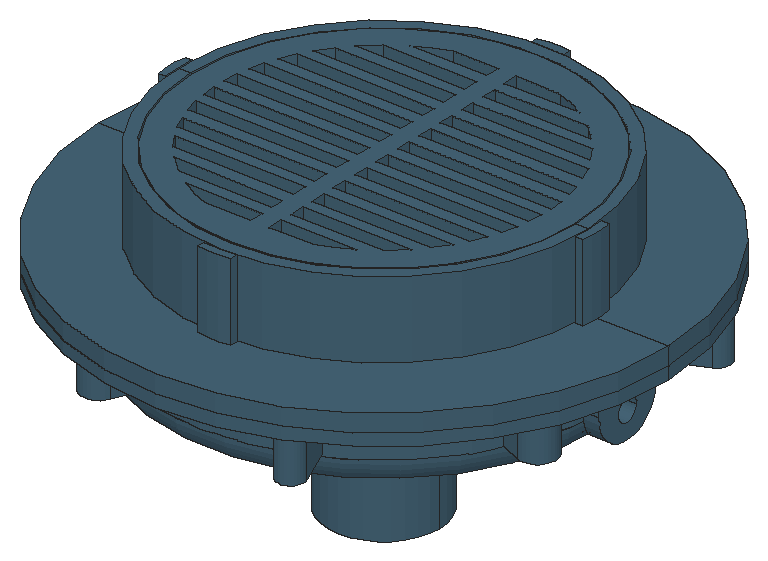
Revit family "Drain_Floor_Top_Diameter_9_Inch-Zurn-Z550-Medium-Duty", category Plumbing Fixtures, Revit 2022
Family settings
  Round Connector Dimension = Use Radius
  Part Type = Normal
  OmniClass Number = 23.70.50.21.24.14
  OmniClass Title = Deck Waste Water Drains
  Work Plane-Based = No
  Always vertical = Yes
  Cut with Voids When Loaded = No
  Maintain Annotation Orientation = No
  Shared = No
  Room Calculation Point = No
Parameters (values of type "Load Family Type Catalog")
  ZN-Grate = no
  Z-Grate = yes
  Width = 12.000"  # constant formula
  Waste Connection = 0 = 0  # yes
  WFU = 1  # constant formula
  Vent Connection = 0 = 1  # no
  URL = "www.zurn.com"
  Type Comments = "Z550-2 Inch-No Hub Outlet"
  Top Diameter Inner = 8.625"
  Top Diameter = 9.000"
  Product data url = "https://www.bimobject.com/en/zurnindustries/product/zurn-z550"
  Product Page URL = "https://www.zurn.com/products/drainage-interceptors/floor-drains/area-drains/z550"
  Product Documentation Link = "https://files.zurn.com/spec-sheets/z550.pdf"
  Pipe Size A (Nominal) = 2.000"
  Pipe Size A (Actual) = 2.375"
  P Trap Primer Connetor = 0.250"  # constant formula
  Outlet Connector Radius = 1.000"
  Modified Date = "09/09/2025"  # constant formula
  Model = "Z550"
  Manufacurer Brand = "Zurn"  # constant formula
  Manufacturer = "Zurn Water, LLC"  # constant formula
  Frame and Grate = Iron - Zurn -Cast - Painted - Blue
  Body Height (E) = 4.750"
  HWFU = 0  # constant formula
  HW Connection = 0 = 1  # no
  Grate Open Area Sq.in = 18.000"  # constant formula
  Description = "9 [229] DIAMETER TOP MEDIUM-DUTY DRAIN"  # constant formula
  Default Elevation = 35.000"  # constant formula
  Date Created = "08/25/2016"  # constant formula
  CWFU = 0  # constant formula
  Main Material = Iron - Zurn -Cast - Painted - Blue
  CW Connection = 0 = 1  # no
  Frame Dimension = 2.000"
  Assembly Code = "D2030300"
  Approx. Weight (Lbs) = 28.000"
Reference planes (in)
  plane 1 "Center (Front/Back)": y = 0
  plane 2: z = 0
  plane 3 "Center (Left/Right)": x = 0
  plane 4: x = -6
  plane 5: x = 6
  plane 6: z = -2
  plane 7: z = -6.75
  plane 8: x = -4.3125
  plane 9: x = 4.3125
  plane 10: y = 6
  plane 11: y = -6
  plane 12: z = -0.25
  plane 13: z = -0.625
  plane 14: z = -3.75
  plane 15: x = -1.1875
  plane 16: x = 1.1875
  plane 17: z = -2.25
  plane 18: y = 1.1875
  plane 19: y = -1.1875
  plane 20: y = 3.15457
  plane 21: y = 2.06367
  plane 22: y = 0.97277
  plane 23: y = -0.11812
  plane 24: y = -1.0773
  plane 25: y = -2.29992
  plane 26: x = 3.6875
  plane 27: z = -1.625
  plane 28: x = 4.0625
  plane 29: z = -3.5
  plane 30: x = 4.59357
  plane 31: x = 4.84357
  plane 32: x = 5.49819
  plane 33: x = 5.5
  plane 34: y = -0.75
  plane 35: y = 0.75
  plane 36: x = 5.125
  plane 37: through (-4.29444, 1.37228, 48) normal (-0.9205, 0.3907, 0)
  plane 38: through (-5.28581, 2.66065, 48) normal (0.3907, 0.9205, 0)
  plane 39: through (-7.11211, 2.6211, 48) normal (0.3907, 0.9205, 0)
  plane 40: through (-3.22178, -6.62754, 48) normal (-0.9205, 0.3907, 0)
  plane 41: through (-2.59701, -7.07513, 48) normal (-0.9205, 0.3907, 0)
  plane 42: y = 2.0923
  plane 43: x = -4.90659
  plane 44: through (3.94012, -2.20859, 48) normal (-0.9205, 0.3907, 0)
  plane 45: y = -2.06722
  plane 46: x = 4.89263
  plane 47: through (-2.3433, -3.89724, 48) normal (0.3737, 0.9276, 0)
  plane 48: x = -2.07654
  plane 49: y = -4.88926
  plane 50: through (1.33081, 4.31142, 48) normal (0.3907, 0.9205, 0)
  plane 51: x = 2.07497
  plane 52: y = 4.8911
  plane 53: z = -3.125
  plane 54: through (-3.05274, 6.47779, 48) normal (0.9205, 0.3907, 0)
  plane 55: through (-2.91505, 7.59302, 48) normal (0.9205, 0.3907, 0)
  plane 56: through (-6.63122, -2.50961, 48) normal (-0.3907, 0.9205, 0)
  plane 57: through (-6.04107, -2.87018, 48) normal (-0.3907, 0.9205, 0)
  plane 58: through (3.99057, 2.13171, 48) normal (0.9205, 0.3907, 0)
  plane 59: x = 5.23758
  plane 60: y = 2.22286
  plane 61: x = -5.23316
  plane 62: y = -2.22171
  plane 63: through (-4.28626, -1.41704, 48) normal (0.9205, 0.3907, 0)
  plane 64: through (-2.17374, 3.96939, 48) normal (-0.3907, 0.9205, 0)
  plane 65: x = -2.22007
  plane 66: y = 5.23594
  plane 67: through (1.42941, -4.27943, 48) normal (-0.3907, 0.9205, 0)
  plane 68: x = 2.2245
  plane 69: y = -5.2348
  plane 70: z = -3.7
  plane 71: x = -4.5
  plane 72: x = 4.5
  plane 73: y = 0.34375
  plane 74: y = -0.344
  plane 75: x = 1.32528
  plane 76: x = -3.1541
  plane 77: x = -0.344
  plane 78: x = 0.344
  plane 79: y = 4.5
  plane 80: y = -4.5
  plane 81: y = 4.3125
  plane 82: y = -4.3125
  plane 83: x = 3.1541
  plane 84: x = -1.32528
  plane 85: y = -1.32528
  plane 86: y = 3.1541
  plane 87: y = -3.1541
  plane 88: y = 1.32528
  plane 89: y = -3.18928
  plane 90: x = -1.97864
  plane 91: x = 1.97864
  plane 92: x = -1.0773
  plane 93: x = -0.11812
  plane 94: x = 0.98355
  plane 95: x = 3.22864
  plane 96: x = -3.22864
  plane 97: y = -0.25
  plane 98: y = 0.25
  plane 99: z = -2.875
  plane 100: z = -3.375
  plane 101: z = -2.95164
  plane 102: y = 4.5
  plane 103: y = -4.5
  plane 104: y = 3.68928
  plane 105: z = -3.15625
  plane 106: x = 4.24982
  plane 107: z = 0
  plane 108: x = -4.5
  plane 109: x = 4.5
Forms (in)
  Revolve 1, solid, material "Iron - Zurn -Cast - Painted - Blue" <- "Main Material", detail levels fine
    sketch origin (0, 0, 0) x (1, 0, 0) y (0, 0, 1)
      loop
        line (3.6875, -2) -> (6, -2) -> (6, -1.625) -> (4.3125, -1.625) -> (4.3125, 0) -> (4.0625, 0) -> (4.0625, -0.625) -> (3.6875, -0.625) -> (3.6875, -2)
      axis (0, 0) -> (0, -2)
    angle from 0 to 360
  Revolve 2, solid, material "Iron - Zurn -Cast - Painted - Blue" <- "Main Material", detail levels fine
    sketch origin (0, 0, 0) x (1, 0, 0) y (0, 0, 1)
      loop
        line (5.49819, -2) -> (4.59357, -2.25) -> (4.59357, -3.15625)
        arc (4.59357, -3.15625) -> (4.49289, -3.39932) -> (4.24982, -3.5) r 0.34375
        line (4.24982, -3.5) -> (0, -3.5) -> (0, -3.75) -> (4.24982, -3.75)
        arc (4.24982, -3.75) -> (4.66967, -3.57609) -> (4.84357, -3.15625) r 0.59375
        line (4.84357, -3.15625) -> (4.84357, -2.25) -> (6, -2.25) -> (6, -2) -> (5.49819, -2)
      axis (0, -2) -> (0, -3.75)
    angle from 0 to 360
  Extrusion 3, solid, material "Iron - Zurn -Cast - Painted - Blue" <- "Main Material", detail levels fine
    sketch origin (0, 0, 0) x (1, 0, 0) y (0, 1, 0)
      loop
        circle (0, 0) r 1.1875
    from -3.75 to -6.75
  Extrusion 4, void, detail levels fine
    sketch origin (0, 0, 0) x (0, 1, 0) y (1, 0, 0)
      loop
        circle (0, 0) r 1
    from 3.75 to 6.75
  Extrusion 5, solid, material "Iron - Zurn -Cast - Painted - Blue" <- "Main Material", detail levels fine
    sketch origin (0, 0, 0) x (0, 1, 0) y (0, 0, 1)
      loop
        arc (-0.75, -2.95164) -> (0, -3.70164) -> (0.75, -2.95164) r 0.75
        line (0.75, -2.95164) -> (0.75, -2.25) -> (-0.75, -2.25) -> (-0.75, -2.95164)
      loop
        circle (0, -3.125) r 0.25
    from 3.75 to 5.125
  Extrusion 6, solid, material "Iron - Zurn -Cast - Painted - Blue" <- "Main Material", detail levels fine
    sketch origin (0, 0, 0) x (1, 0, 0) y (0, 1, 0)
      loop
        line (5.03916, -1.72203) -> (4.28291, -1.40103) -> (3.98986, -2.09141) -> (4.74611, -2.41241)
        arc (4.74611, -2.41241) -> (5.23782, -2.21375) -> (5.03916, -1.72203) r 0.375
      loop
        arc (-4.76007, 2.43749) -> (-5.25178, 2.23883) -> (-5.05312, 1.74711) r 0.375
        line (-5.05312, 1.74711) -> (-4.27546, 1.41701) -> (-3.98241, 2.10739) -> (-4.76007, 2.43749)
      loop
        line (1.72978, 5.03762) -> (1.40768, 4.27879) -> (2.09806, 3.98574) -> (2.42016, 4.74458)
        arc (2.42016, 4.74458) -> (2.2215, 5.23629) -> (1.72978, 5.03762) r 0.375
      loop
        arc (-2.42173, -4.74274) -> (-2.22307, -5.23445) -> (-1.73136, -5.03579) r 0.375
        line (-1.73136, -5.03579) -> (-1.40802, -4.27405) -> (-2.1038, -3.99373) -> (-2.42173, -4.74274)
    from -3.125 to -2.25
  Extrusion 7, solid, material "Iron - Zurn -Cast - Painted - Blue" <- "Main Material", detail levels fine
    sketch origin (0, 0, 0) x (1, 0, 0) y (0, 1, 0)
      loop
        line (5.12769, 2.48175) -> (4.03828, 2.01932) -> (4.25806, 1.50154) -> (5.34748, 1.96397)
        arc (5.34748, 1.96397) -> (5.49648, 2.33275) -> (5.12769, 2.48175) r 0.28125
      loop
        arc (-5.34305, -1.96282) -> (-5.49205, -2.3316) -> (-5.12327, -2.4806) r 0.28125
        line (-5.12327, -2.4806) -> (-4.03151, -2.01718) -> (-4.2513, -1.4994) -> (-5.34305, -1.96282)
      loop
        arc (-1.96785, 5.36155) -> (-2.33016, 5.49531) -> (-2.48563, 5.14176) r 0.28177
        line (-2.48563, 5.14176) -> (-2.01635, 4.0362) -> (-1.49856, 4.25599) -> (-1.96785, 5.36155)
      loop
        line (2.01612, -4.02408) -> (2.48611, -5.13131)
        arc (2.48611, -5.13131) -> (2.33442, -5.49377) -> (1.96832, -5.35109) r 0.28134
        line (1.96832, -5.35109) -> (1.5006, -4.24922) -> (2.01839, -4.02943)
    from -3.125 to -2.25
  Extrusion 8, solid, material "Iron - Zurn -Cast - Painted - Blue" <- "Main Material", detail levels fine
    sketch origin (0, 0, 0) x (1, 0, 0) y (0, 1, 0)
      loop
        arc (-4.45536, 0.34375) -> (-4.5, -0.00013) -> (-4.4553, -0.344) r 1.3459
        line (-4.4553, -0.344) -> (-4.31249, -0.344)
        arc (-4.31249, -0.344) -> (-4.32298, -0.00013) -> (-4.31251, 0.34375) r 5.64826
        line (-4.31251, 0.34375) -> (-4.45536, 0.34375)
      loop
        line (4.45536, 0.34375) -> (4.31251, 0.34375)
        arc (4.31251, 0.34375) -> (4.32298, -0.00013) -> (4.31249, -0.344) r 5.64826
        line (4.31249, -0.344) -> (4.4553, -0.344)
        arc (4.4553, -0.344) -> (4.5, -0.00013) -> (4.45536, 0.34375) r 1.3459
      loop
        line (-0.344, 4.4553) -> (-0.344, 4.31249)
        arc (-0.344, 4.31249) -> (0, 4.32298) -> (0.344, 4.31249) r 5.64826
        line (0.344, 4.31249) -> (0.344, 4.4553)
        arc (0.344, 4.4553) -> (0, 4.5) -> (-0.344, 4.4553) r 1.3459
      loop
        arc (-0.344, -4.4553) -> (0, -4.5) -> (0.344, -4.4553) r 1.3459
        line (0.344, -4.4553) -> (0.344, -4.31249)
        arc (0.344, -4.31249) -> (0, -4.32298) -> (-0.344, -4.31249) r 5.64826
        line (-0.344, -4.31249) -> (-0.344, -4.4553)
    from -1.625 to 0
Cuts and joins
  Extrusion 4 cuts Revolve 2
  Extrusion 4 cuts Extrusion 3
Lines and regions (in)
  Masking region 1, detail levels fine
    outline origin (0, 0, 0) x (1, 0, 0) y (0, 1, 0)
      loop
        circle (0, 0) r 6
  model lines, detail levels coarse+medium
    curve 1: circle (0, 0, 0) r 4.032 normal (0, 0, 1)
    curve 2: line (-4.03027, -0.11812, 0) -> (4.03027, -0.11812, 0)
    curve 3: line (-3.91289, 0.97277, 0) -> (3.91289, 0.97277, 0)
    curve 4: line (-3.46386, 2.06367, 0) -> (3.46386, 2.06367, 0)
    curve 5: line (-2.51112, 3.15457, 0) -> (2.51112, 3.15457, 0)
    curve 6: line (-3.84647, -1.20902, 0) -> (3.84647, -1.20902, 0)
    curve 7: line (-3.31171, -2.29992, 0) -> (3.31171, -2.29992, 0)
    curve 9: line (-2.18161, -3.39081, 0) -> (2.18161, -3.39081, 0)
    curve 10: line (0, 0, -3.125) -> (5.125, 0, -3.125)
    curve 11: line (5.125, 0, -2.875) -> (5.125, 0, -3.375)
    curve 12: line (5.125, -0.25, -3.125) -> (5.125, 0.25, -3.125)
    curve 13: line (0, 0, 0) -> (0, 0, -6.75)
    curve 14: line (-1.1875, 0, -6.75) -> (1.1875, 0, -6.75)
    curve 15: line (0, 1.1875, -6.75) -> (0, -1.1875, -6.75)
    curve 24: circle (0, 0, 0) r 4.5 normal (0, 0, 1)
  symbolic lines, detail levels coarse+medium
    curve 8: circle (0, 0, 0) r 6 normal (0, 0, 1)
    curve 16: line (0, 0, 0) -> (0, 0, -6.75)
    curve 17: line (-1.1875, 0, -6.75) -> (1.1875, 0, -6.75)
    curve 18: line (0, 0, -3.125) -> (5.125, 0, -3.125)
    curve 19: line (5.125, 0, -2.875) -> (5.125, 0, -3.375)
    curve 20: line (0, 0, 0) -> (0, 0, -6.75)
    curve 21: line (0, 4.5, 0) -> (0, -4.5, 0)
    curve 22: line (0, 1.1875, -6.75) -> (0, -1.1875, -6.75)
    curve 23: line (0, 0.25, -3.125) -> (0, -0.25, -3.125)
    curve 25: circle (0, 0, 0) r 4.5 normal (0, 0, 1)
    curve 26: line (-4.5, 0, 0) -> (4.5, 0, 0)
Dimensions and locks (in)
  equal spacing: plane 5, plane 3 "Center (Left/Right)", plane 4
  "Frame Dimension": level to plane 6
  "Body Height (E)": plane 6 to plane 7
  level to plane 7 = 6.750"
  "Width": plane 5 to plane 4
  equal spacing: plane 9, plane 3 "Center (Left/Right)", plane 8
  plane 4 to plane 5 = 12.000"
  equal spacing: plane 10, plane 1 "Center (Front/Back)", plane 11
  plane 12 to plane 13 = 0.375"
  equal spacing: plane 16, plane 3 "Center (Left/Right)", plane 15
  "Pipe Size A (Actual)": plane 16 to plane 15
  "Width": plane 10 to plane 11
  locked: plane 6 to plane 17 at 0.25
  "Pipe Size A (Actual)": plane 18 to plane 19
  equal spacing: plane 18, plane 1 "Center (Front/Back)", plane 19
  locked: plane 27 to plane 6 at 0.375
  plane 29 to plane 14 = 0.250"
  plane 31 to plane 30 = 0.250"
  plane 5 to plane 33 = 0.500"
  locked: plane 17 to plane 14 at 1.5
  plane 14 to plane 7 = 3.000"
  plane 36 to plane 3 "Center (Left/Right)" = 5.125"
  plane 17 to plane 53 = 0.875"
  locked: plane 28 to plane 26 at 0.375
  plane 70 to plane 14 = 0.050"
  plane 9 to plane 28 = 0.250"
  locked: plane 28 to plane 3 "Center (Left/Right)" at 4.0625
  equal spacing: plane 72, plane 3 "Center (Left/Right)", plane 71
  plane 71 to plane 72 = 9.000"
  plane 8 to plane 9 = 8.625"
  plane 71 to plane 8 = 0.1875"
  plane 9 to plane 72 = 0.1875"
  plane 1 "Center (Front/Back)" to plane 74 = 0.344"
  plane 73 to plane 1 "Center (Front/Back)" = 0.34375"
  plane 77 to plane 3 "Center (Left/Right)" = 0.344"
  plane 3 "Center (Left/Right)" to plane 78 = 0.344"
  equal spacing: plane 79, plane 1 "Center (Front/Back)", plane 80
  equal spacing: plane 81, plane 1 "Center (Front/Back)", plane 82
  plane 97 to plane 1 "Center (Front/Back)" = 0.250"
  plane 1 "Center (Front/Back)" to plane 98 = 0.250"
  plane 99 to plane 53 = 0.250"
  plane 53 to plane 100 = 0.250"
  equal spacing: plane 102, plane 1 "Center (Front/Back)", plane 103
  "Top Diameter": plane 102 to plane 103
  plane 5 to plane 32 = 0.50181"
  plane 32 to plane 31 = 0.65461"
  plane 13 to plane 6 = 1.375"
  locked: plane 107 to plane 6 at 2
  plane 81 to plane 82 = 8.625"
  plane 79 to plane 80 = 9.000"
  plane 9 to plane 8 = 8.625"
  plane 72 to plane 71 = 9.000"
  equal spacing: plane 109, plane 3 "Center (Left/Right)", plane 108
  "Top Diameter": plane 109 to plane 108
  equal spacing: curve 9, curve 7, curve 6, curve 2, curve 3, curve 4, curve 5
  "Pipe Size A (Actual)": diameter of Extrusion 3 sketch curve
  "Pipe Size A (Nominal)": diameter of Extrusion 4 sketch curve
  "Top Diameter": diameter of curve 24
  "Top Diameter": diameter of curve 25
  aligned and locked: plane 2 to level
  aligned and locked: plane 3 "Center (Left/Right)" to curve 1
  aligned and locked: plane 1 "Center (Front/Back)" to curve 1
  aligned and locked: plane 3 "Center (Left/Right)" to curve 8
  aligned and locked: plane 1 "Center (Front/Back)" to curve 8
  aligned and locked: plane 9 to Revolve 1 sketch curve
  aligned and locked: plane 13 to Revolve 1 sketch curve
  aligned and locked: Revolve 1 sketch curve to plane 26
  aligned and locked: Revolve 1 sketch curve to plane 6
  aligned and locked: plane 27 to Revolve 1 sketch curve
  aligned and locked: plane 5 to Revolve 1 sketch curve
  aligned and locked: Revolve 1 sketch curve to plane 28
  aligned and locked: Revolve 2 sketch curve to plane 14
  aligned and locked: plane 30 to Revolve 2 sketch curve  (x2)
  aligned and locked: plane 31 to Revolve 2 sketch curve  (x2)
  aligned and locked: Revolve 2 sketch curve to plane 5
  aligned and locked: plane 17 to Revolve 2 sketch curve  (x3)
  aligned and locked: plane 3 "Center (Left/Right)" to Revolve 2 sketch curve
  aligned and locked: plane 3 "Center (Left/Right)" to Extrusion 3 sketch curve
  aligned and locked: plane 1 "Center (Front/Back)" to Extrusion 3 sketch curve
  aligned and locked: Extrusion 3 to plane 7
  aligned and locked: plane 14 to Extrusion 3
  aligned and locked: plane 3 "Center (Left/Right)" to Extrusion 4 sketch curve
  aligned and locked: plane 1 "Center (Front/Back)" to Extrusion 4 sketch curve
  aligned and locked: plane 14 to Extrusion 4
  aligned and locked: Extrusion 4 to plane 7
  aligned and locked: plane 17 to Extrusion 5 sketch curve
  aligned and locked: plane 1 "Center (Front/Back)" to Extrusion 5 sketch curve  (x2)
  aligned and locked: plane 34 to Extrusion 5 sketch curve
  aligned and locked: plane 36 to Extrusion 5
  aligned and locked: plane 37 to Extrusion 6 sketch curve
  aligned and locked: plane 39 to Extrusion 6 sketch curve
  aligned and locked: plane 42 to Extrusion 6 sketch curve
  aligned and locked: plane 43 to Extrusion 6 sketch curve
  aligned and locked: plane 44 to Extrusion 6 sketch curve
  aligned and locked: plane 38 to Extrusion 6 sketch curve
  aligned and locked: plane 45 to Extrusion 6 sketch curve
  aligned and locked: plane 46 to Extrusion 6 sketch curve
  aligned and locked: plane 47 to Extrusion 6 sketch curve
  aligned and locked: plane 40 to Extrusion 6 sketch curve  (x2)
  aligned and locked: plane 48 to Extrusion 6 sketch curve
  aligned and locked: plane 49 to Extrusion 6 sketch curve
  aligned and locked: plane 50 to Extrusion 6 sketch curve
  aligned and locked: plane 51 to Extrusion 6 sketch curve
  aligned and locked: plane 52 to Extrusion 6 sketch curve
  aligned and locked: Extrusion 6 to plane 53
  aligned and locked: plane 17 to Extrusion 6
  aligned and locked: plane 58 to Extrusion 7 sketch curve
  aligned and locked: plane 56 to Extrusion 7 sketch curve
  aligned and locked: plane 60 to Extrusion 7 sketch curve
  aligned and locked: plane 59 to Extrusion 7 sketch curve
  aligned and locked: plane 61 to Extrusion 7 sketch curve
  aligned and locked: plane 62 to Extrusion 7 sketch curve
  aligned and locked: Extrusion 7 sketch curve to plane 56
  aligned and locked: Extrusion 7 sketch curve to plane 57
  aligned and locked: plane 63 to Extrusion 7 sketch curve
  aligned and locked: plane 64 to Extrusion 7 sketch curve
  aligned and locked: plane 55 to Extrusion 7 sketch curve
  aligned and locked: plane 54 to Extrusion 7 sketch curve  (x2)
  aligned and locked: plane 65 to Extrusion 7 sketch curve
  aligned and locked: plane 66 to Extrusion 7 sketch curve
  aligned and locked: Extrusion 7 sketch curve to plane 55
  aligned and locked: plane 67 to Extrusion 7 sketch curve
  aligned and locked: plane 69 to Extrusion 7 sketch curve
  aligned and locked: plane 68 to Extrusion 7 sketch curve
  aligned and locked: Extrusion 7 to Extrusion 6
  aligned and locked: plane 17 to Extrusion 7
  aligned and locked: Extrusion 8 sketch curve to plane 73
  aligned and locked: plane 74 to Extrusion 8 sketch curve
  aligned and locked: Extrusion 8 to plane 27
  aligned and locked: plane 75 to Extrusion 8 sketch curve
  aligned and locked: plane 1 "Center (Front/Back)" to Extrusion 8 sketch curve  (x4)
  aligned and locked: plane 76 to Extrusion 8 sketch curve
  aligned and locked: plane 73 to Extrusion 8 sketch curve
  aligned and locked: Extrusion 8 sketch curve to plane 74
  aligned and locked: plane 83 to Extrusion 8 sketch curve
  aligned and locked: plane 84 to Extrusion 8 sketch curve
  aligned and locked: Extrusion 8 sketch curve to plane 77
  aligned and locked: plane 78 to Extrusion 8 sketch curve
  aligned and locked: plane 85 to Extrusion 8 sketch curve
  aligned and locked: plane 3 "Center (Left/Right)" to Extrusion 8 sketch curve  (x4)
  aligned and locked: plane 86 to Extrusion 8 sketch curve
  aligned and locked: plane 77 to Extrusion 8 sketch curve
  aligned and locked: Extrusion 8 sketch curve to plane 78
  aligned and locked: plane 87 to Extrusion 8 sketch curve
  aligned and locked: plane 88 to Extrusion 8 sketch curve
  aligned and locked: plane 3 "Center (Left/Right)" to curve 10
  aligned and locked: plane 36 to curve 10
  aligned and locked: curve 10 to plane 53
  aligned and locked: plane 99 to curve 11
  aligned and locked: plane 100 to curve 11
  aligned and locked: curve 11 to plane 36
  aligned and locked: plane 53 to Extrusion 5 sketch curve
  aligned and locked: plane 101 to Extrusion 5 sketch curve
  aligned and locked: plane 97 to curve 12
  aligned and locked: plane 98 to curve 12
  aligned and locked: curve 12 to plane 53
  aligned and locked: level to curve 13
  aligned and locked: plane 7 to curve 13
  aligned and locked: curve 13 to plane 3 "Center (Left/Right)"
  aligned and locked: plane 15 to curve 14
  aligned and locked: plane 16 to curve 14
  aligned and locked: curve 14 to plane 7
  aligned and locked: plane 18 to curve 15
  aligned and locked: plane 19 to curve 15
  aligned and locked: curve 15 to plane 7
  aligned and locked: curve 16 to plane 3 "Center (Left/Right)"
  aligned and locked: plane 15 to curve 17
  aligned and locked: plane 16 to curve 17
  aligned and locked: curve 17 to plane 7
  aligned and locked: curve 18 to plane 53
  aligned and locked: plane 99 to curve 19
  aligned and locked: plane 100 to curve 19
  aligned and locked: curve 19 to plane 36
  aligned and locked: level to curve 20
  aligned and locked: plane 7 to curve 20
  aligned and locked: plane 102 to curve 21
  aligned and locked: plane 103 to curve 21
  aligned and locked: curve 21 to level
  aligned and locked: curve 20 to plane 1 "Center (Front/Back)"
  aligned and locked: plane 18 to curve 22
  aligned and locked: plane 19 to curve 22
  aligned and locked: curve 22 to plane 7
  aligned and locked: plane 98 to curve 23
  aligned and locked: plane 97 to curve 23
  aligned and locked: curve 23 to plane 53
  aligned and locked: plane 3 "Center (Left/Right)" to Masking region 1 sketch curve
  aligned and locked: plane 1 "Center (Front/Back)" to Masking region 1 sketch curve
  aligned and locked: plane 1 "Center (Front/Back)" to curve 24
  aligned and locked: plane 6 to Revolve 2 sketch curve
  aligned and locked: plane 106 to Revolve 2 sketch curve
  aligned and locked: plane 105 to Revolve 2 sketch curve
  aligned and locked: plane 107 to Revolve 1
  aligned and locked: Extrusion 8 to Revolve 1
  aligned and locked: plane 1 "Center (Front/Back)" to nested 1
  aligned and locked: plane 3 "Center (Left/Right)" to nested 1
  aligned and locked: plane 1 "Center (Front/Back)" to nested 2
  aligned and locked: plane 3 "Center (Left/Right)" to nested 2
  aligned and locked: plane 21 to curve 4
  aligned and locked: plane 22 to curve 3
  aligned and locked: plane 1 "Center (Front/Back)" to curve 25
  aligned and locked: plane 3 "Center (Left/Right)" to curve 25
  aligned and locked: plane 108 to curve 26
  aligned and locked: plane 109 to curve 26
  aligned and locked: curve 26 to level
Automatic sketch dimensions
  Extrusion 6 sketch curve to plane 41 = 0.000"
  Extrusion 7 sketch curve to plane 66 = 0.09418"
  Extrusion 7 sketch curve to Extrusion 7 sketch curve = 0.25617"
  plane 8 to Extrusion 8 sketch curve = 0.00001"
  plane 71 to Extrusion 8 sketch curve = 0.0447"
  plane 82 to Extrusion 8 sketch curve = 0.00001"
  Extrusion 8 sketch curve to plane 81 = 0.00001"
  Extrusion 8 sketch curve to plane 9 = 0.00001"
  Extrusion 8 sketch curve to plane 72 = 0.0447"
  plane 80 to Extrusion 8 sketch curve = 0.0447"
  Extrusion 8 sketch curve to plane 79 = 0.0447"
  Extrusion 7 sketch curve to Extrusion 7 sketch curve = 0.00227"
  Revolve 1 sketch curve to plane 3 "Center (Left/Right)" = 0.000"
  Revolve 1 sketch curve to plane 7 = 0.250"
  level to Revolve 1 sketch curve = 1.500"
  Revolve 2 sketch curve to Revolve 2 sketch curve = 0.000"
  Revolve 2 sketch curve to plane 3 "Center (Left/Right)" = 0.000"
  Revolve 2 sketch curve to plane 32 = 0.000"
  Revolve 2 sketch curve to plane 7 = 0.60553"
  level to Revolve 2 sketch curve = 0.750"
  Revolve 2 sketch curve to plane 29 = 0.000"
  Revolve 1 sketch curve to level = 0.000"
  curve 1 to curve 24 = 0.000"
  curve 9 to plane 90 = 0.20297"
  radius of Extrusion 5 sketch curve = 0.250"
  radius of Masking region 1 sketch curve = 6.000"
  radius of curve 8 = 6.000"
Nested families (in)
  nested 1: "ZN-Grate" at (0, 0, 0), visible <- "ZN-Grate", Main Material <- "Frame and Grate", type "ZN-Grate", detail levels fine
    with Main Material Iron - Zurn -Cast - Painted - Blue
  nested 2: "Grate" at (0, 0, 0), visible <- "Z-Grate", Main Material <- "Frame and Grate", type "Grate", detail levels fine
    with Main Material Iron - Zurn -Cast - Painted - Blue
Connectors (in)
  piping at (0, 0, -6.75), diameter 2, driven by "Outlet Connector Radius", driven by "Waste Connection"
    settings: on cut or joined group of Extrusion 3, Extrusion 4, index 2, connector inside diameter 24", connector length 0.000", flow factor 0, pipe flow 0 GPM, pressure drop 0.00 psi, fitting loss kfactor 0, connector angle 0.00°, fixture units 0, engagement length 0.000", angle of deflection 0.00°, flow configuration 0, flow direction 2, fitting loss method 0, system type 16, joint type 0, gender type 0, connector reference index -1, connector utility 1, adjustable connector no, is connector primary yes, connector description "Outlet Connection"
  piping at (5.125, 0, -3.125), diameter 0.5, driven by "P Trap Primer Connetor", driven by "CW Connection"
    settings: on Extrusion 5, index 3, connector inside diameter 24", connector length 0.000", flow factor 0, pipe flow 0 GPM, pressure drop 0.00 psi, fitting loss kfactor 0, connector angle 0.00°, fixture units 0, engagement length 0.000", angle of deflection 0.00°, flow configuration 0, flow direction 1, fitting loss method 0, system type 20, joint type 0, gender type 0, connector reference index -1, connector utility 0, adjustable connector no, is connector primary no, connector description "Optional Trap Primer"
Definition of nested family "ZN-Grate"
  Parameters (values of type "ZN-Grate")
    URL = "www.zurn.com"
    Product data url = ""
    Product Page URL = ""
    Product Installation Sheet URL = ""
    Product Documentation Link = ""
    Modified Date = ""
    Manufacurer Brand = "Zurn"  # constant formula
    Manufacturer = "Zurn Water, LLC"  # constant formula
    Main Material [instance] = none
    Default Elevation = 0.000"
    Date Created = ""
    Approx. Weight (Lbs) = 0.000"
  Reference planes (in)
    plane 1 "Center (Front/Back)": y = 0
    plane 2: z = 0
    plane 3 "Center (Left/Right)": x = 0
    plane 4: x = -4.0315
    plane 5: x = 4.0315
    plane 6: y = 4.032
    plane 7: y = -4.032
    plane 8: z = -0.625
    plane 9: x = -4.6875
    plane 10: x = 4.6875
    plane 11: x = -4.875
    plane 12: x = 4.875
    plane 13: z = -0.188
  Forms (in)
    Extrusion 1, solid, material <- "Main Material"
      sketch origin (0, 0, 0) x (1, 0, 0) y (0, 1, 0)
        loop
          circle (0, 0) r 4.032
      from -0.625 to 0
    Extrusion 2, void
      sketch origin (0, 0, 0) x (1, 0, 0) y (0, 1, 0)
        loop
          arc (1.78246, 2.93666) -> (1.45805, 3.11076) -> (1.11688, 3.24916) r 3.4375
          line (1.11688, 3.24916) -> (0.1846, 3.24916) -> (0.1846, 2.93666) -> (1.78246, 2.93666)
        loop
          line (0.1846, 0.43666) -> (0.1846, 0.12416) -> (3.43233, 0.12416)
          arc (3.43233, 0.12416) -> (3.42305, 0.2807) -> (3.40665, 0.43666) r 3.4375
          line (3.40665, 0.43666) -> (0.1846, 0.43666)
        loop
          line (0.1846, 0.68666) -> (3.36515, 0.68666)
          arc (3.36515, 0.68666) -> (3.32921, 0.84384) -> (3.28593, 0.99916) r 3.4375
          line (3.28593, 0.99916) -> (0.1846, 0.99916) -> (0.1846, 0.68666)
        loop
          line (0.1846, 1.24916) -> (3.19928, 1.24916)
          arc (3.19928, 1.24916) -> (3.13302, 1.40716) -> (3.05897, 1.56166) r 3.4375
          line (3.05897, 1.56166) -> (0.1846, 1.56166) -> (0.1846, 1.24916)
        loop
          line (0.1846, 1.81166) -> (2.91793, 1.81166)
          arc (2.91793, 1.81166) -> (2.81286, 1.97095) -> (2.6991, 2.12416) r 3.4375
          line (2.6991, 2.12416) -> (0.1846, 2.12416) -> (0.1846, 1.81166)
        loop
          line (0.1846, 2.37416) -> (2.48222, 2.37416)
          arc (2.48222, 2.37416) -> (2.31658, 2.53617) -> (2.14041, 2.68666) r 3.4375
          line (2.14041, 2.68666) -> (0.1846, 2.68666) -> (0.1846, 2.37416)
        loop
          line (1.78246, -2.93834) -> (0.1846, -2.93834) -> (0.1846, -3.25084) -> (1.11688, -3.25084)
          arc (1.11688, -3.25084) -> (1.45805, -3.11244) -> (1.78246, -2.93834) r 3.4375
        loop
          line (0.1846, -0.43834) -> (3.40665, -0.43834)
          arc (3.40665, -0.43834) -> (3.42305, -0.28238) -> (3.43233, -0.12584) r 3.4375
          line (3.43233, -0.12584) -> (0.1846, -0.12584) -> (0.1846, -0.43834)
        loop
          line (0.1846, -0.68834) -> (0.1846, -1.00084) -> (3.28593, -1.00084)
          arc (3.28593, -1.00084) -> (3.32921, -0.84552) -> (3.36515, -0.68834) r 3.4375
          line (3.36515, -0.68834) -> (0.1846, -0.68834)
        loop
          line (0.1846, -1.25084) -> (0.1846, -1.56334) -> (3.05897, -1.56334)
          arc (3.05897, -1.56334) -> (3.13302, -1.40884) -> (3.19928, -1.25084) r 3.4375
          line (3.19928, -1.25084) -> (0.1846, -1.25084)
        loop
          line (0.1846, -1.81334) -> (0.1846, -2.12584) -> (2.6991, -2.12584)
          arc (2.6991, -2.12584) -> (2.81286, -1.97263) -> (2.91793, -1.81334) r 3.4375
          line (2.91793, -1.81334) -> (0.1846, -1.81334)
        loop
          line (0.1846, -2.37584) -> (0.1846, -2.68834) -> (2.14041, -2.68834)
          arc (2.14041, -2.68834) -> (2.31658, -2.53785) -> (2.48222, -2.37584) r 3.4375
          line (2.48222, -2.37584) -> (0.1846, -2.37584)
        loop
          line (-1.81975, 2.94791) -> (-0.1904, 2.94791) -> (-0.1904, 3.26575) -> (-1.15418, 3.26575)
          arc (-1.15418, 3.26575) -> (-1.49545, 3.1246) -> (-1.81975, 2.94791) r 3.46354
        loop
          line (-0.1904, 0.4385) -> (-3.44394, 0.4385)
          arc (-3.44394, 0.4385) -> (-3.46036, 0.28162) -> (-3.46962, 0.12416) r 3.46898
          line (-3.46962, 0.12416) -> (-0.1904, 0.12416) -> (-0.1904, 0.4385)
        loop
          line (-0.1904, 0.6885) -> (-0.1904, 1.00292) -> (-3.32323, 1.00292)
          arc (-3.32323, 1.00292) -> (-3.36651, 0.84664) -> (-3.40244, 0.6885) r 3.46874
          line (-3.40244, 0.6885) -> (-0.1904, 0.6885)
        loop
          line (-0.1904, 1.25292) -> (-0.1904, 1.56749) -> (-3.09626, 1.56749)
          arc (-3.09626, 1.56749) -> (-3.17032, 1.41195) -> (-3.23657, 1.25292) r 3.46822
          line (-3.23657, 1.25292) -> (-0.1904, 1.25292)
        loop
          line (-0.1904, 1.81749) -> (-0.1904, 2.13237) -> (-2.73639, 2.13237)
          arc (-2.73639, 2.13237) -> (-2.85017, 1.97795) -> (-2.95523, 1.81749) r 3.46736
          line (-2.95523, 1.81749) -> (-0.1904, 1.81749)
        loop
          line (-0.1904, 2.38237) -> (-0.1904, 2.69791) -> (-2.1777, 2.69791)
          arc (-2.1777, 2.69791) -> (-2.3539, 2.54588) -> (-2.51951, 2.38237) r 3.46598
          line (-2.51951, 2.38237) -> (-0.1904, 2.38237)
        loop
          arc (-1.81975, -2.94959) -> (-1.49545, -3.12628) -> (-1.15418, -3.26744) r 3.46354
          line (-1.15418, -3.26744) -> (-0.1904, -3.26744) -> (-0.1904, -2.94959) -> (-1.81975, -2.94959)
        loop
          line (-0.1904, -0.44019) -> (-0.1904, -0.12584) -> (-3.46962, -0.12584)
          arc (-3.46962, -0.12584) -> (-3.46036, -0.28331) -> (-3.44394, -0.44019) r 3.46898
          line (-3.44394, -0.44019) -> (-0.1904, -0.44019)
        loop
          line (-0.1904, -0.69019) -> (-3.40244, -0.69019)
          arc (-3.40244, -0.69019) -> (-3.36651, -0.84832) -> (-3.32323, -1.0046) r 3.46874
          line (-3.32323, -1.0046) -> (-0.1904, -1.0046) -> (-0.1904, -0.69019)
        loop
          line (-0.1904, -1.2546) -> (-3.23657, -1.2546)
          arc (-3.23657, -1.2546) -> (-3.17032, -1.41363) -> (-3.09626, -1.56917) r 3.46822
          line (-3.09626, -1.56917) -> (-0.1904, -1.56917) -> (-0.1904, -1.2546)
        loop
          line (-0.1904, -1.81917) -> (-2.95523, -1.81917)
          arc (-2.95523, -1.81917) -> (-2.85017, -1.97964) -> (-2.73639, -2.13405) r 3.46736
          line (-2.73639, -2.13405) -> (-0.1904, -2.13405) -> (-0.1904, -1.81917)
        loop
          line (-0.1904, -2.38405) -> (-2.51951, -2.38405)
          arc (-2.51951, -2.38405) -> (-2.3539, -2.54756) -> (-2.1777, -2.69959) r 3.46598
          line (-2.1777, -2.69959) -> (-0.1904, -2.69959) -> (-0.1904, -2.38405)
      from -0.625 to 0
    Revolve 3, solid, material <- "Main Material"
      sketch origin (0, 0, 0) x (1, 0, 0) y (0, 0, 1)
        loop
          line (4.0315, 0) -> (4.0315, -0.188) -> (4.6875, -0.188) -> (4.6875, -0.625) -> (4.875, -0.625) -> (4.875, 0) -> (4.0315, 0)
        axis (0, 0) -> (0, -0.625)
      angle from 0 to 360
  Cuts and joins
    Extrusion 2 cuts Extrusion 1
  Dimensions and locks (in)
    equal spacing: plane 4, plane 3 "Center (Left/Right)", plane 5
    equal spacing: plane 6, plane 1 "Center (Front/Back)", plane 7
    level to plane 8 = 0.625"
    equal spacing: plane 10, plane 3 "Center (Left/Right)", plane 9
    equal spacing: plane 12, plane 3 "Center (Left/Right)", plane 11
    plane 12 to plane 11 = 9.750"
    plane 10 to plane 9 = 9.375"
    level to plane 13 = 0.188"
    plane 5 to plane 4 = 8.063"
    plane 6 to plane 7 = 8.064"
    plane 4 to plane 3 "Center (Left/Right)" = 4.0315"
    aligned and locked: plane 2 to level
    aligned and locked: plane 3 "Center (Left/Right)" to Extrusion 1 sketch curve
    aligned and locked: plane 1 "Center (Front/Back)" to Extrusion 1 sketch curve
    aligned and locked: Extrusion 1 to plane 8
    aligned and locked: level to Extrusion 1
    aligned and locked: Extrusion 2 to plane 8
    aligned and locked: level to Extrusion 2
    aligned and locked: Revolve 3 sketch curve to level
    aligned and locked: plane 5 to Revolve 3 sketch curve
    aligned and locked: plane 13 to Revolve 3 sketch curve
    aligned and locked: plane 10 to Revolve 3 sketch curve
    aligned and locked: Revolve 3 sketch curve to plane 12
    aligned and locked: plane 8 to Revolve 3 sketch curve
  Automatic sketch dimensions
    Extrusion 2 sketch curve to Extrusion 2 sketch curve = 0.000"  (x554)
    Extrusion 2 sketch curve to plane 1 "Center (Front/Back)" = 0.12416"  (x2)
    plane 4 to Extrusion 2 sketch curve = 0.56188"
    Extrusion 2 sketch curve to Extrusion 2 sketch curve = 0.02568"  (x3)
    Extrusion 2 sketch curve to Extrusion 2 sketch curve = 0.0415"  (x4)
    Extrusion 2 sketch curve to Extrusion 2 sketch curve = 0.07922"  (x4)
    Extrusion 2 sketch curve to Extrusion 2 sketch curve = 0.08666"  (x4)
    Extrusion 2 sketch curve to Extrusion 2 sketch curve = 0.14031"  (x4)
    Extrusion 2 sketch curve to Extrusion 2 sketch curve = 0.14103"  (x4)
    Extrusion 2 sketch curve to Extrusion 2 sketch curve = 0.21883"  (x4)
    Extrusion 2 sketch curve to Extrusion 2 sketch curve = 0.21688"  (x4)
    Extrusion 2 sketch curve to Extrusion 2 sketch curve = 0.34181"  (x4)
    Extrusion 2 sketch curve to Extrusion 2 sketch curve = 0.35795"  (x4)
    Extrusion 2 sketch curve to Extrusion 2 sketch curve = 0.66558"  (x4)
    Extrusion 2 sketch curve to plane 3 "Center (Left/Right)" = 0.1904"  (x12)
    plane 1 "Center (Front/Back)" to Extrusion 2 sketch curve = 0.12584"  (x2)
    plane 1 "Center (Front/Back)" to Extrusion 2 sketch curve = 0.00084"
    Extrusion 2 sketch curve to plane 3 "Center (Left/Right)" = 0.0029"
    plane 3 "Center (Left/Right)" to Extrusion 2 sketch curve = 0.1846"  (x12)
    Extrusion 2 sketch curve to Extrusion 2 sketch curve = 0.93228"  (x2)
    Extrusion 2 sketch curve to Extrusion 2 sketch curve = 0.250"  (x20)
    Revolve 3 sketch curve to plane 3 "Center (Left/Right)" = 0.000"
    Revolve 3 sketch curve to plane 8 = 2.875"
    level to Revolve 3 sketch curve = 1.250"
    radius of Extrusion 1 sketch curve = 4.032"
Definition of nested family "Grate"
  Parameters (values of type "Grate")
    URL = "www.zurn.com"
    Product data url = ""
    Product Page URL = ""
    Product Installation Sheet URL = ""
    Product Documentation Link = ""
    Modified Date = ""
    Manufacurer Brand = "Zurn"  # constant formula
    Manufacturer = "Zurn Water, LLC"  # constant formula
    Main Material [instance] = none
    Default Elevation = 0.000"
    Date Created = ""
    Approx. Weight (Lbs) = 0.000"
  Reference planes (in)
    plane 1 "Center (Front/Back)": y = 0
    plane 2: z = 0
    plane 3 "Center (Left/Right)": x = 0
    plane 4: x = -4.0315
    plane 5: x = 4.0315
    plane 6: y = 4.0315
    plane 7: y = -4.0315
    plane 8: z = -0.625
  Forms (in)
    Extrusion 1, solid, material <- "Main Material"
      sketch origin (0, 0, 0) x (1, 0, 0) y (0, 1, 0)
        loop
          circle (0, 0) r 4.0315
      from -0.625 to 0
    Extrusion 2, void
      sketch origin (0, 0, 0) x (1, 0, 0) y (0, 1, 0)
        loop
          arc (1.78246, 2.93666) -> (1.45805, 3.11076) -> (1.11688, 3.24916) r 3.4375
          line (1.11688, 3.24916) -> (0.1846, 3.24916) -> (0.1846, 2.93666) -> (1.78246, 2.93666)
        loop
          line (0.1846, 0.43666) -> (0.1846, 0.12416) -> (3.43233, 0.12416)
          arc (3.43233, 0.12416) -> (3.42305, 0.2807) -> (3.40665, 0.43666) r 3.4375
          line (3.40665, 0.43666) -> (0.1846, 0.43666)
        loop
          line (0.1846, 0.68666) -> (3.36515, 0.68666)
          arc (3.36515, 0.68666) -> (3.32921, 0.84384) -> (3.28593, 0.99916) r 3.4375
          line (3.28593, 0.99916) -> (0.1846, 0.99916) -> (0.1846, 0.68666)
        loop
          line (0.1846, 1.24916) -> (3.19928, 1.24916)
          arc (3.19928, 1.24916) -> (3.13302, 1.40716) -> (3.05897, 1.56166) r 3.4375
          line (3.05897, 1.56166) -> (0.1846, 1.56166) -> (0.1846, 1.24916)
        loop
          line (0.1846, 1.81166) -> (2.91793, 1.81166)
          arc (2.91793, 1.81166) -> (2.81286, 1.97095) -> (2.6991, 2.12416) r 3.4375
          line (2.6991, 2.12416) -> (0.1846, 2.12416) -> (0.1846, 1.81166)
        loop
          line (0.1846, 2.37416) -> (2.48222, 2.37416)
          arc (2.48222, 2.37416) -> (2.31658, 2.53617) -> (2.14041, 2.68666) r 3.4375
          line (2.14041, 2.68666) -> (0.1846, 2.68666) -> (0.1846, 2.37416)
        loop
          line (1.78246, -2.93834) -> (0.1846, -2.93834) -> (0.1846, -3.25084) -> (1.11688, -3.25084)
          arc (1.11688, -3.25084) -> (1.45805, -3.11244) -> (1.78246, -2.93834) r 3.4375
        loop
          line (0.1846, -0.43834) -> (3.40665, -0.43834)
          arc (3.40665, -0.43834) -> (3.42305, -0.28238) -> (3.43233, -0.12584) r 3.4375
          line (3.43233, -0.12584) -> (0.1846, -0.12584) -> (0.1846, -0.43834)
        loop
          line (0.1846, -0.68834) -> (0.1846, -1.00084) -> (3.28593, -1.00084)
          arc (3.28593, -1.00084) -> (3.32921, -0.84552) -> (3.36515, -0.68834) r 3.4375
          line (3.36515, -0.68834) -> (0.1846, -0.68834)
        loop
          line (0.1846, -1.25084) -> (0.1846, -1.56334) -> (3.05897, -1.56334)
          arc (3.05897, -1.56334) -> (3.13302, -1.40884) -> (3.19928, -1.25084) r 3.4375
          line (3.19928, -1.25084) -> (0.1846, -1.25084)
        loop
          line (0.1846, -1.81334) -> (0.1846, -2.12584) -> (2.6991, -2.12584)
          arc (2.6991, -2.12584) -> (2.81286, -1.97263) -> (2.91793, -1.81334) r 3.4375
          line (2.91793, -1.81334) -> (0.1846, -1.81334)
        loop
          line (0.1846, -2.37584) -> (0.1846, -2.68834) -> (2.14041, -2.68834)
          arc (2.14041, -2.68834) -> (2.31658, -2.53785) -> (2.48222, -2.37584) r 3.4375
          line (2.48222, -2.37584) -> (0.1846, -2.37584)
        loop
          line (-1.81975, 2.94791) -> (-0.1904, 2.94791) -> (-0.1904, 3.26575) -> (-1.15418, 3.26575)
          arc (-1.15418, 3.26575) -> (-1.49545, 3.1246) -> (-1.81975, 2.94791) r 3.46354
        loop
          line (-0.1904, 0.4385) -> (-3.44394, 0.4385)
          arc (-3.44394, 0.4385) -> (-3.46036, 0.28162) -> (-3.46962, 0.12416) r 3.46898
          line (-3.46962, 0.12416) -> (-0.1904, 0.12416) -> (-0.1904, 0.4385)
        loop
          line (-0.1904, 0.6885) -> (-0.1904, 1.00292) -> (-3.32323, 1.00292)
          arc (-3.32323, 1.00292) -> (-3.36651, 0.84664) -> (-3.40244, 0.6885) r 3.46874
          line (-3.40244, 0.6885) -> (-0.1904, 0.6885)
        loop
          line (-0.1904, 1.25292) -> (-0.1904, 1.56749) -> (-3.09626, 1.56749)
          arc (-3.09626, 1.56749) -> (-3.17032, 1.41195) -> (-3.23657, 1.25292) r 3.46822
          line (-3.23657, 1.25292) -> (-0.1904, 1.25292)
        loop
          line (-0.1904, 1.81749) -> (-0.1904, 2.13237) -> (-2.73639, 2.13237)
          arc (-2.73639, 2.13237) -> (-2.85017, 1.97795) -> (-2.95523, 1.81749) r 3.46736
          line (-2.95523, 1.81749) -> (-0.1904, 1.81749)
        loop
          line (-0.1904, 2.38237) -> (-0.1904, 2.69791) -> (-2.1777, 2.69791)
          arc (-2.1777, 2.69791) -> (-2.3539, 2.54588) -> (-2.51951, 2.38237) r 3.46598
          line (-2.51951, 2.38237) -> (-0.1904, 2.38237)
        loop
          arc (-1.81975, -2.94959) -> (-1.49545, -3.12628) -> (-1.15418, -3.26744) r 3.46354
          line (-1.15418, -3.26744) -> (-0.1904, -3.26744) -> (-0.1904, -2.94959) -> (-1.81975, -2.94959)
        loop
          line (-0.1904, -0.44019) -> (-0.1904, -0.12584) -> (-3.46962, -0.12584)
          arc (-3.46962, -0.12584) -> (-3.46036, -0.28331) -> (-3.44394, -0.44019) r 3.46898
          line (-3.44394, -0.44019) -> (-0.1904, -0.44019)
        loop
          line (-0.1904, -0.69019) -> (-3.40244, -0.69019)
          arc (-3.40244, -0.69019) -> (-3.36651, -0.84832) -> (-3.32323, -1.0046) r 3.46874
          line (-3.32323, -1.0046) -> (-0.1904, -1.0046) -> (-0.1904, -0.69019)
        loop
          line (-0.1904, -1.2546) -> (-3.23657, -1.2546)
          arc (-3.23657, -1.2546) -> (-3.17032, -1.41363) -> (-3.09626, -1.56917) r 3.46822
          line (-3.09626, -1.56917) -> (-0.1904, -1.56917) -> (-0.1904, -1.2546)
        loop
          line (-0.1904, -1.81917) -> (-2.95523, -1.81917)
          arc (-2.95523, -1.81917) -> (-2.85017, -1.97964) -> (-2.73639, -2.13405) r 3.46736
          line (-2.73639, -2.13405) -> (-0.1904, -2.13405) -> (-0.1904, -1.81917)
        loop
          line (-0.1904, -2.38405) -> (-2.51951, -2.38405)
          arc (-2.51951, -2.38405) -> (-2.3539, -2.54756) -> (-2.1777, -2.69959) r 3.46598
          line (-2.1777, -2.69959) -> (-0.1904, -2.69959) -> (-0.1904, -2.38405)
      from -0.625 to 0
  Cuts and joins
    Extrusion 2 cuts Extrusion 1
  Dimensions and locks (in)
    equal spacing: plane 4, plane 3 "Center (Left/Right)", plane 5
    equal spacing: plane 6, plane 1 "Center (Front/Back)", plane 7
    level to plane 8 = 0.625"
    plane 5 to plane 4 = 8.063"
    plane 1 "Center (Front/Back)" to plane 7 = 4.0315"
    plane 6 to plane 7 = 8.063"
    plane 4 to plane 5 = 8.063"
    aligned and locked: plane 2 to level
    aligned and locked: plane 3 "Center (Left/Right)" to Extrusion 1 sketch curve
    aligned and locked: plane 1 "Center (Front/Back)" to Extrusion 1 sketch curve
    aligned and locked: Extrusion 1 to plane 8
    aligned and locked: level to Extrusion 1
    aligned and locked: Extrusion 2 to plane 8
    aligned and locked: level to Extrusion 2
  Automatic sketch dimensions
    Extrusion 2 sketch curve to Extrusion 2 sketch curve = 0.000"  (x554)
    Extrusion 2 sketch curve to plane 1 "Center (Front/Back)" = 0.12416"  (x2)
    plane 4 to Extrusion 2 sketch curve = 0.56188"
    Extrusion 2 sketch curve to Extrusion 2 sketch curve = 0.02568"  (x3)
    Extrusion 2 sketch curve to Extrusion 2 sketch curve = 0.0415"  (x4)
    Extrusion 2 sketch curve to Extrusion 2 sketch curve = 0.07922"  (x4)
    Extrusion 2 sketch curve to Extrusion 2 sketch curve = 0.08666"  (x4)
    Extrusion 2 sketch curve to Extrusion 2 sketch curve = 0.14031"  (x4)
    Extrusion 2 sketch curve to Extrusion 2 sketch curve = 0.14103"  (x4)
    Extrusion 2 sketch curve to Extrusion 2 sketch curve = 0.21883"  (x4)
    Extrusion 2 sketch curve to Extrusion 2 sketch curve = 0.21688"  (x4)
    Extrusion 2 sketch curve to Extrusion 2 sketch curve = 0.34181"  (x4)
    Extrusion 2 sketch curve to Extrusion 2 sketch curve = 0.35795"  (x4)
    Extrusion 2 sketch curve to Extrusion 2 sketch curve = 0.66558"  (x4)
    Extrusion 2 sketch curve to plane 3 "Center (Left/Right)" = 0.1904"  (x12)
    plane 1 "Center (Front/Back)" to Extrusion 2 sketch curve = 0.12584"  (x2)
    plane 1 "Center (Front/Back)" to Extrusion 2 sketch curve = 0.00084"
    Extrusion 2 sketch curve to plane 3 "Center (Left/Right)" = 0.0029"
    plane 3 "Center (Left/Right)" to Extrusion 2 sketch curve = 0.1846"  (x12)
    Extrusion 2 sketch curve to Extrusion 2 sketch curve = 0.93228"  (x2)
    Extrusion 2 sketch curve to Extrusion 2 sketch curve = 0.250"  (x20)
    radius of Extrusion 1 sketch curve = 4.0315"
Types in the file's own list only (22): name | ZN-Grate | Z-Grate | Width | Type Comments | Top Diameter Inner | Top Diameter | Pipe Size A (Nominal) | Pipe Size A (Actual) | P Trap Primer Connetor | Outlet Connector Radius | Model | Frame and Grate | Body Height (E) | Grate Open Area Sq.in | Default Elevation | Frame Dimension | Approx. Weight (Lbs)
  Z550-2NH Outlet | No | Yes | 12.000 " | "Z550-2 Inch-No Hub Outlet" | 8.625 " | 9.000 " | 2.000 " | 2.375 " | 0.250 " | 1.000 " | "Z550" | Iron - Zurn -Cast - Painted - Blue | 4.750 " | 18.000 " | 35.000 " | 2.000 " | 28.000 "
  Z550-2NL Outlet | No | Yes | 12.000 " | "Z550-2 Inch -Neo Loc Outlet" | 8.625 " | 9.000 " | 2.000 " | 2.375 " | 0.250 " | 1.000 " | "Z550" | Iron - Zurn -Cast - Painted - Blue | 3.500 " | 18.000 " | 35.000 " | 2.000 " | 28.000 "
  Z550-3IC Outlet | No | Yes | 12.000 " | "Z550-3 Inch -Inside Caulk Outlet" | 8.625 " | 9.000 " | 3.000 " | 3.500 " | 0.250 " | 1.500 " | "Z550" | Iron - Zurn -Cast - Painted - Blue | 3.750 " | 18.000 " | 35.000 " | 2.000 " | 28.000 "
  Z550-3IP Outlet | No | Yes | 12.000 " | "Z550-3 Inch -Threaded Outlet" | 8.625 " | 9.000 " | 3.000 " | 3.500 " | 0.250 " | 1.500 " | "Z550" | Iron - Zurn -Cast - Painted - Blue | 2.750 " | 18.000 " | 35.000 " | 2.000 " | 28.000 "
  Z550-3NH Outlet | No | Yes | 12.000 " | "Z550-3 Inch -No-Hub Outlet" | 8.625 " | 9.000 " | 3.000 " | 3.500 " | 0.250 " | 1.500 " | "Z550" | Iron - Zurn -Cast - Painted - Blue | 4.750 " | 18.000 " | 35.000 " | 2.000 " | 28.000 "
  Z550-3NL Outlet | No | Yes | 12.000 " | "Z550-3 Inch -Neo-Loc Outlet" | 8.625 " | 9.000 " | 3.000 " | 3.500 " | 0.250 " | 1.500 " | "Z550" | Iron - Zurn -Cast - Painted - Blue | 3.500 " | 18.000 " | 35.000 " | 2.000 " | 28.000 "
  Z550-4IC Outlet | No | Yes | 12.000 " | "Z550-4 Inch -Inside Caulk Outlet" | 8.625 " | 9.000 " | 4.000 " | 4.500 " | 0.250 " | 2.000 " | "Z550" | Iron - Zurn -Cast - Painted - Blue | 3.750 " | 18.000 " | 35.000 " | 2.000 " | 28.000 "
  Z550-4NH Outlet | No | Yes | 12.000 " | "Z550-4 Inch -No-Hub Outlet" | 8.625 " | 9.000 " | 4.000 " | 4.500 " | 0.250 " | 2.000 " | "Z550" | Iron - Zurn -Cast - Painted - Blue | 4.750 " | 18.000 " | 35.000 " | 2.000 " | 28.000 "
  Z550-4IP Outlet | No | Yes | 12.000 " | "Z550-4 Inch -Threaded Outlet" | 8.625 " | 9.000 " | 4.000 " | 4.500 " | 0.250 " | 2.000 " | "Z550" | Iron - Zurn -Cast - Painted - Blue | 2.750 " | 18.000 " | 35.000 " | 2.000 " | 28.000 "
  Z550-4NL Outlet | No | Yes | 12.000 " | "Z550-4 Inch -Neo-Loc Outlet" | 8.625 " | 9.000 " | 4.000 " | 4.500 " | 0.250 " | 2.000 " | "Z550" | Iron - Zurn -Cast - Painted - Blue | 3.500 " | 18.000 " | 35.000 " | 2.000 " | 28.000 "
  Z550-6NH Outlet | No | Yes | 12.000 " | "Z550-6 Inch -No Hub Outlet" | 8.625 " | 9.000 " | 6.000 " | 6.625 " | 0.250 " | 3.000 " | "Z550" | Iron - Zurn -Cast - Painted - Blue | 5.250 " | 18.000 " | 35.000 " | 2.000 " | 30.000 "
  ZN550-2NH Outlet | Yes | No | 12.000 " | "ZN550-2 Inch-No Hub Outlet" | 8.625 " | 9.750 " | 2.000 " | 2.375 " | 0.250 " | 1.000 " | "ZN550" | Bronze - Zurn - Polished Nickel | 4.750 " | 18.000 " | 35.000 " | 2.188 " | 28.000 "
  ZN550-2NL Outlet | Yes | No | 12.000 " | "ZN550-2 Inch -Neo Loc Outlet" | 8.625 " | 9.750 " | 2.000 " | 2.375 " | 0.250 " | 1.000 " | "ZN550" | Bronze - Zurn - Polished Nickel | 3.500 " | 18.000 " | 35.000 " | 2.188 " | 28.000 "
  ZN550-3IC Outlet | Yes | No | 12.000 " | "ZN550-3 Inch -Inside Caulk Outlet" | 8.625 " | 9.750 " | 3.000 " | 3.500 " | 0.250 " | 1.500 " | "ZN550" | Bronze - Zurn - Polished Nickel | 3.750 " | 18.000 " | 35.000 " | 2.188 " | 28.000 "
  ZN550-3IP Outlet | Yes | No | 12.000 " | "ZN550-3 Inch -Threaded Outlet" | 8.625 " | 9.750 " | 3.000 " | 3.500 " | 0.250 " | 1.500 " | "ZN550" | Bronze - Zurn - Polished Nickel | 2.750 " | 18.000 " | 35.000 " | 2.188 " | 28.000 "
  ZN550-3NH Outlet | Yes | No | 12.000 " | "ZN550-3 Inch -No-Hub Outlet" | 8.625 " | 9.750 " | 3.000 " | 3.500 " | 0.250 " | 1.500 " | "ZN550" | Bronze - Zurn - Polished Nickel | 4.750 " | 18.000 " | 35.000 " | 2.188 " | 28.000 "
  ZN550-3NL Outlet | Yes | No | 12.000 " | "ZN550-3 Inch -Neo-Loc Outlet" | 8.625 " | 9.750 " | 3.000 " | 3.500 " | 0.250 " | 1.500 " | "ZN550" | Bronze - Zurn - Polished Nickel | 3.500 " | 18.000 " | 35.000 " | 2.188 " | 28.000 "
  ZN550-4IC Outlet | Yes | No | 12.000 " | "ZN550-4 Inch -Inside Caulk Outlet" | 8.625 " | 9.750 " | 4.000 " | 4.500 " | 0.250 " | 2.000 " | "ZN550" | Bronze - Zurn - Polished Nickel | 3.750 " | 18.000 " | 35.000 " | 2.188 " | 28.000 "
  ZN550-4NH Outlet | Yes | No | 12.000 " | "ZN550-4 Inch -No-Hub Outlet" | 8.625 " | 9.750 " | 4.000 " | 4.500 " | 0.250 " | 2.000 " | "ZN550" | Bronze - Zurn - Polished Nickel | 4.750 " | 18.000 " | 35.000 " | 2.188 " | 28.000 "
  ZN550-4IP Outlet | Yes | No | 12.000 " | "ZN550-4 Inch -Threaded Outlet" | 8.625 " | 9.750 " | 4.000 " | 4.500 " | 0.250 " | 2.000 " | "ZN550" | Bronze - Zurn - Polished Nickel | 2.750 " | 18.000 " | 35.000 " | 2.188 " | 28.000 "
  ZN550-4NL Outlet | Yes | No | 12.000 " | "ZN550-4 Inch -Neo-Loc Outlet" | 8.625 " | 9.750 " | 4.000 " | 4.500 " | 0.250 " | 2.000 " | "ZN550" | Bronze - Zurn - Polished Nickel | 3.500 " | 18.000 " | 35.000 " | 2.188 " | 28.000 "
  ZN550-6NH Outlet | Yes | No | 12.000 " | "ZN550-6 Inch -No Hub Outlet" | 8.625 " | 9.750 " | 6.000 " | 6.625 " | 0.250 " | 3.000 " | "ZN550" | Bronze - Zurn - Polished Nickel | 5.250 " | 18.000 " | 35.000 " | 2.188 " | 30.000 "
